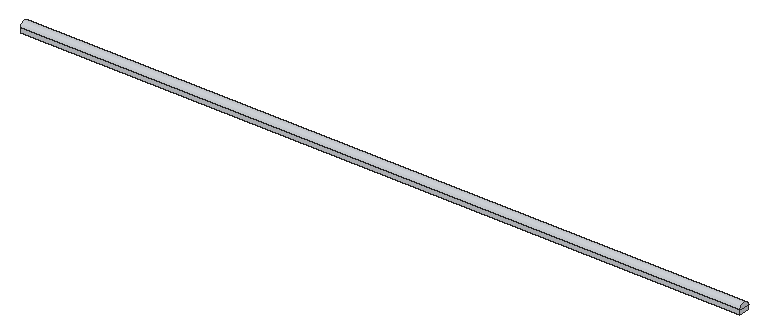
Revit family "SUBACUATICA_SLNSA_U_W_N_C", category Luminarias, Revit 2019
Family settings
  Cota de conector redondo = Diámetro de uso
  Tipo de pieza = Normal
  Se basa en plano de trabajo = Sí
  Siempre vertical = No
  Corte con vacíos al cargar = No
  Origen de luz = Sí
  Compartido = No
  Punto de cálculo de habitación = No
Parameters (values of type "SUBACUATICA_SLNSA.U")
  Zone [instance] = ""
  Watt per fixture [instance] = (Longitud / 1000 mm) * (4.8)  # 4.8
  Wattage = 4.8 W
  built-in parameter 1150107 = 2700 (stored number, unit not read)
  Light Source Symbol Size = 609.6 mm
  built-in parameter 1150110 = 1 (stored number, unit not read)
  built-in parameter 1150109 = 1 (stored number, unit not read)
  built-in parameter 1150112 = 1 (stored number, unit not read)
  built-in parameter 1150113 = 1 (stored number, unit not read)
  built-in parameter 1114218 = 1 (stored number, unit not read)
  built-in parameter 1150137 = (empty or 0)
  built-in parameter 1150132 = (empty or 0)
  Modelo Lampara = ""
  Modelo = "SLNSA.U"
  Marca = "BRILLANT"
  Longitud de línea de emisión = 600 mm
  Longitud [instance] = 1000 mm
  built-in parameter 1150105 = 145.15 (stored number, unit not read)
  built-in parameter 1150102 = (empty or 0)
  built-in parameter 1150106 = 1.4515 (stored number, unit not read)
  Lumens = 456 lm
  Color Filter = 16777215
  built-in parameter 1114217 = 1 (stored number, unit not read)
  built-in parameter 1150139 = (empty or 0)
  Fabricante = "BRILLANT"
  Default Elevation = 0 mm
  built-in parameter 1150104 = 8.8258 (stored number, unit not read)
  Descripción = "TIRA LED SUBACUATICA HECHA DE SILICON CON UNA POTENCIA DE 4.8W/M, USO PARA EXTERIORES O ALBERCAS IP68, IRC 80, TEMPERATURA EN BLANCO CALIDO 2700K, 450 LUMENES/M, PRESENTACION DE 25M Y LOS CORTES DEBEN DE SER SOLICITADOS DESDE ORIGEN PARA GARANTIZAR EL SELLADO, PROFUNDAID MAXIMA DE 2M, RESISTENTE A SOLUCIONES SALINAS, A CLORO, FUEGO Y RAYOS UV. ALIMENTADO A 24V, REQUIERE ACCESORIOS."
  built-in parameter 1150115 = 1 (stored number, unit not read)
  built-in parameter 1150114 = 1 (stored number, unit not read)
  Costo USD_SLNSA [instance] = (Longitud / 1000 mm) * (43)  # 43
  Comentarios de vataje = "24"
  built-in parameter 1150138 = (empty or 0)
  built-in parameter 1150134 = (empty or 0)
  Circuit [instance] = ""
  Dimming Lamp Color Temperature Shift = (empty or 0)
  built-in parameter 1150133 = 10 (stored number, unit not read)
Types (4, lengths in mm): name | built-in parameter 1150107 | Modelo | Descripción | built-in parameter 1150134
  SUBACUATICA_SLNSA.U | 2700 (stored number, unit not read) | "SLNSA.U" | "TIRA LED SUBACUATICA HECHA DE SILICON CON UNA POTENCIA DE 4.8W/M, USO PARA EXTERIORES O ALBERCAS IP68, IRC 80, TEMPERATURA EN BLANCO CALIDO 2700K, 450 LUMENES/M, PRESENTACION DE 25M Y LOS CORTES DEBEN DE SER SOLICITADOS DESDE ORIGEN PARA GARANTIZAR EL SELLADO, PROFUNDAID MAXIMA DE 2M, RESISTENTE A SOLUCIONES SALINAS, A CLORO, FUEGO Y RAYOS UV. ALIMENTADO A 24V, REQUIERE ACCESORIOS." | (empty or 0)
  SUBACUATICA_SLNSA.W | 3000 (stored number, unit not read) | "SLNSA.W" | "TIRA LED SUBACUATICA HECHA DE SILICON CON UNA POTENCIA DE 4.8W/M, USO PARA EXTERIORES O ALBERCAS IP68, IRC 80, TEMPERATURA EN BLANCO CALIDO 3000K, 450 LUMENES/M, PRESENTACION DE 25M Y LOS CORTES DEBEN DE SER SOLICITADOS DESDE ORIGEN PARA GARANTIZAR EL SELLADO, PROFUNDAID MAXIMA DE 2M, RESISTENTE A SOLUCIONES SALINAS, A CLORO, FUEGO Y RAYOS UV. ALIMENTADO A 24V, REQUIERE ACCESORIOS." | (empty or 0)
  SUBACUATICA_SLNSA.N | 4000 (stored number, unit not read) | "SLNSA.N" | "TIRA LED SUBACUATICA HECHA DE SILICON CON UNA POTENCIA DE 4.8W/M, USO PARA EXTERIORES O ALBERCAS IP68, IRC 80, TEMPERATURA EN BLANCO NEUTRO 4000K, 450 LUMENES/M, PRESENTACION DE 25M Y LOS CORTES DEBEN DE SER SOLICITADOS DESDE ORIGEN PARA GARANTIZAR EL SELLADO, PROFUNDAID MAXIMA DE 2M, RESISTENTE A SOLUCIONES SALINAS, A CLORO, FUEGO Y RAYOS UV. ALIMENTADO A 24V, REQUIERE ACCESORIOS." | 12
  SUBACUATICA_SLNSA.C | 6000 (stored number, unit not read) | "SLNSA.C" | "TIRA LED SUBACUATICA HECHA DE SILICON CON UNA POTENCIA DE 4.8W/M, USO PARA EXTERIORES O ALBERCAS IP68, IRC 80, TEMPERATURA EN BLANCO FRIO 6000K, 450 LUMENES/M, PRESENTACION DE 25M Y LOS CORTES DEBEN DE SER SOLICITADOS DESDE ORIGEN PARA GARANTIZAR EL SELLADO, PROFUNDAID MAXIMA DE 2M, RESISTENTE A SOLUCIONES SALINAS, A CLORO, FUEGO Y RAYOS UV. ALIMENTADO A 24V, REQUIERE ACCESORIOS." | 5
Reference planes
  plane 1 "Centro (Frontal/Posterior)": y = 0
  plane 2: z = 0
  plane 3 "Centro (Izquierda/Derecha)": x = 0
  plane 4 "IZQ": x = -1000
  plane 5: z = 12
Forms (mm)
  Extrusion 1, solid
    sketch origin (0, 0, 0) x (1, 0, 0) y (0, 1, 0)
      loop
        line (-1000, 7.5) -> (-1000, -7.5) -> (0, -7.5) -> (0, 7.5) -> (-1000, 7.5)
    from 0 to 6.038
  Extrusion 2, solid
    sketch origin (0, 0, 0) x (0, 1, 0) y (0, 0, 1)
      loop
        line (-7.5, 6.038) -> (7.5, 6.038)
        arc (7.5, 6.038) -> (0, 12) -> (-7.5, 6.038) r 7.698
    from -1000 to 0
Dimensions and locks
  plane 5 to imposter light = 12 mm
  "Longitud": plane 4 "IZQ" to plane 3 "Centro (Izquierda/Derecha)"
  aligned and locked: level to plane 2
  aligned and locked: plane 4 "IZQ" to Extrusion 1
  aligned and locked: Extrusion 2 to Extrusion 1  (x2)
  aligned and locked: plane 3 "Centro (Izquierda/Derecha)" to Extrusion 1
Automatic sketch dimensions
  Extrusion 1 sketch curve to plane 4 "IZQ" = 0 mm
  Extrusion 1 sketch curve to plane 3 "Centro (Izquierda/Derecha)" = 0 mm
  plane 1 "Centro (Frontal/Posterior)" to Extrusion 1 sketch curve = 7.5 mm
  Extrusion 1 sketch curve to plane 1 "Centro (Frontal/Posterior)" = 7.5 mm
  Extrusion 2 sketch curve to plane 1 "Centro (Frontal/Posterior)" = 0 mm
  plane 1 "Centro (Frontal/Posterior)" to Extrusion 2 sketch curve = 7.5 mm
  level to Extrusion 2 sketch curve = 4.302 mm
  Extrusion 2 sketch curve to plane 5 = 5.962 mm
Connectors
  electrical at (0, 0, 3.019)
    settings: on Extrusion 1, index 1, voltage 24 V, apparent load 0 VA, apparent load phase1 0 VA, apparent load phase2 0 VA, apparent load phase3 0 VA, power factor 1, load classification "Otro", number of poles 1, system type 31, power factor state 1, is connector primary yes, connector utility no, sub classification motor no, connector description ""
